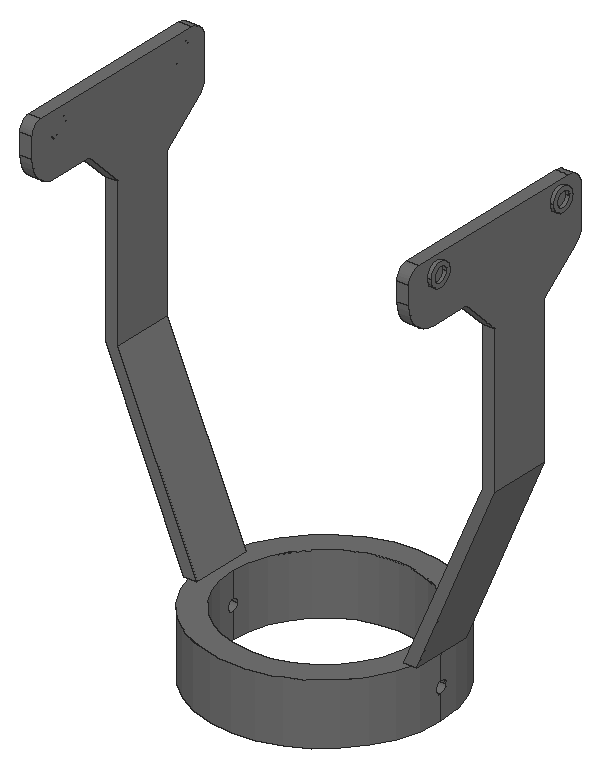
Revit family "Air_Gap-Zurn_Wilikns_Model_AG_12", category Pipe Accessories, Revit 2022
Family settings
  Round Connector Dimension = Use Radius
  Part Type = Valve - Breaks Into
  OmniClass Number = 23.65.55.14
  OmniClass Title = Valves for Liquid Services
  Work Plane-Based = No
  Always vertical = Yes
  Cut with Voids When Loaded = No
  Shared = No
Parameters (values of type "AG-12 (1 1/4"-2" 375 & 375XL Air Gap)")
  URL = "www.zurn.com/"
  Repair Parts URL = ""
  Product data URL = "https://bimobject.com/zurnindustries/product/AG"
  Product Weight (lbs) = 1
  Product Page URL = "https://www.zurn.com/products/water-control/backflow-accessories/ag"
  Product Installation Sheet URL = ""
  Product Documentation Link = "https://files.zurn.com/spec-sheets/bf-ag.pdf"
  PIPE WIDTH = 0' - 1"
  OUTER RADIUS = Nominal Radius + 0' 0 51/128"  # 0' - 1 115/128"
  Nominal Radius = Nominal Diameter / 2  # 0' - 1 1/2"
  Nominal Diameter = DIM C INNER DIAMETER  # 0' - 3"
  Modified Date = "07/08/2025"  # constant formula
  Model = "AG-12"
  Max Working Water Temperature = 0 °F
  Max Working Water Pressure = 0.00 psi
  Manufacturer Brand = "Zurn Wilkins"  # constant formula
  Manufacturer = "Zurn Water, LLC"  # constant formula
  Main Material = Paint - Zurn - Cast Iron - Gray
  Length = 2' - 0"
  Height = 1' - 0"
  Flow Rate (GPM) = 0 GPM
  End Connection Width = 0' - 3 1/2"
  Description = "Air Gap Adaptor Fitting"  # constant formula
  Default Elevation = 0' - 0"
  Date Created = "07/08/2025"  # constant formula
  DIM C INNER DIAMETER = 0' - 3"
  DIM B TOTAL LENGTH = 0' - 8"
  DIM A WIDTH = 0' - 6 1/2"
  Center to Bolt Center = 0' - 1.7"
  Bolt hole Bush = 0' - 0.4"
  Bolt hole = 0' - 0 51/256"
  Bolt circle from End = 0' - 0 1/4"
  Bolt Pitch = 0' - 2 1/2"
  Assembly Code = "D2020300"
  Arm width = 0' - 1"
  Arm outer = 0' - 1.66"
  Arm mid Distance = 0' - 6.35"
  Arm Thickness = 0' - 0.2"
  Arm Large Thickness = 0' - 0.415"
  Arm Edge = 0' - 0 3/8"
Reference planes (in)
  plane 1 "Center (Front/Back)": y = 0
  plane 2: z = 0
  plane 3 "Center (Left/Right)": x = 0
  plane 4 "Left Side Plane": x = -12
  plane 5 "Right side Plane": x = 12
  plane 6 "Back Plane": y = 6
  plane 7 "Front Plane": y = -6
  plane 8 "Top Plane": z = 6
  plane 9 "Bottom Plane": z = -6
  plane 10: x = -3.25
  plane 11: x = 3.25
  plane 12: z = 1
  plane 13: z = 8
  plane 14: x = -3.175
  plane 15: x = 3.175
  plane 16: x = -2.975
  plane 17: x = 2.975
  plane 18: y = -0.5
  plane 19: y = 0.5
  plane 20: z = 4
Forms (in)
  Extrusion 1, solid, material "Paint - Zurn - Cast Iron - Gray", detail levels fine
    sketch origin (0, 0, 0) x (1, 0, 0) y (0, 1, 0)
      loop
        circle (0, 0) r 1.89844
      loop
        circle (0, 0) r 1.5
    from 0 to 1
  Extrusion 2, solid, material "Paint - Zurn - Cast Iron - Gray", detail levels fine
    sketch origin (-0.39756, 0, 0) x (1, 0, 0) y (0, 0, 1)
      loop
        line (-2.77744, 8) -> (-2.77744, 4) -> (-1.4975, 1) -> (-1.2975, 1) -> (-2.57744, 4) -> (-2.57744, 8) -> (-2.77744, 8)
      loop
        line (3.57256, 8) -> (3.37256, 8) -> (3.37256, 4) -> (2.09262, 1) -> (2.29262, 1) -> (3.57256, 4) -> (3.57256, 8)
    from -0.5 to 0.5
  Extrusion 3, solid, material "Paint - Zurn - Cast Iron - Gray", detail levels fine
    sketch origin (0, 0, 0) x (0, 1, 0) y (0, 0, 1)
      loop
        line (1, 8) -> (-2.04686, 8)
        arc (-2.04686, 8) -> (-2.1905, 7.9405) -> (-2.25, 7.79686) r 0.20314
        line (-2.25, 7.79686) -> (-2.25, 7.5)
        arc (-2.25, 7.5) -> (-2.10355, 7.14645) -> (-1.75, 7) r 0.5
        line (-1.75, 7) -> (-1.1, 7) -> (-0.5, 6.4) -> (0.5, 6.4) -> (1.15617, 6.92494)
        arc (1.15617, 6.92494) -> (1.22533, 7.01186) -> (1.25, 7.12016) r 0.25
        line (1.25, 7.12016) -> (1.25, 7.75)
        arc (1.25, 7.75) -> (1.17678, 7.92678) -> (1, 8) r 0.25
    from 2.975 to 3.175
  Extrusion 4, solid, material "Paint - Zurn - Cast Iron - Gray", detail levels fine
    sketch origin (0, 0, 0) x (0, 1, 0) y (0, 0, 1)
      loop
        circle (0.8, 7.75) r 0.1875
      loop
        circle (-1.7, 7.75) r 0.18783
      loop
        circle (0.8, 7.75) r 0.12619
      loop
        circle (-1.7, 7.75) r 0.12619
    from -3.25 to 3.25
  Extrusion 5, void
    sketch origin (0, 0, 0) x (1, 0, 0) y (0, 0, 1)
      loop
        line (-2.975, 8) -> (-2.975, 7.52457) -> (2.975, 7.52457) -> (2.975, 8) -> (-2.975, 8)
    from -1.25 to 2.25
  Extrusion 6, solid, material "Paint - Zurn - Cast Iron - Gray", detail levels fine
    sketch origin (-6.15, -0.04168, 0) x (0, 1, 0) y (0, 0, 1)
      loop
        line (1.04168, 8) -> (-2.02185, 8)
        arc (-2.02185, 8) -> (-2.1537, 7.94538) -> (-2.20832, 7.81353) r 0.18647
        line (-2.20832, 7.81353) -> (-2.20832, 7.48333)
        arc (-2.20832, 7.48333) -> (-2.06675, 7.14156) -> (-1.72499, 7) r 0.48333
        line (-1.72499, 7) -> (-1.05832, 7) -> (-0.45832, 6.4) -> (0.54168, 6.4) -> (1.19786, 6.92494)
        arc (1.19786, 6.92494) -> (1.26701, 7.01186) -> (1.29168, 7.12016) r 0.25
        line (1.29168, 7.12016) -> (1.29168, 7.75)
        arc (1.29168, 7.75) -> (1.21846, 7.92678) -> (1.04168, 8) r 0.25
    from 2.975 to 3.175
  Extrusion 7, void
    sketch origin (0, 0, 0) x (0, 1, 0) y (0, 0, 1)
      loop
        circle (0, 0.5) r 0.1
    from -3.25 to 3.25
Cuts and joins
  Extrusion 5 cuts Extrusion 2
  Extrusion 5 cuts Extrusion 3
  joined: Extrusion 2, Extrusion 3, Extrusion 6
  Extrusion 5 cuts Extrusion 4
  Extrusion 5, Extrusion 7 cuts Extrusion 1
Lines and regions (in)
  Masking region 1, detail levels fine
    outline origin (0, 0, 0) x (1, 0, 0) y (0, 1, 0)
      loop
        line (-3.25, -2.27384) -> (-2.975, -2.27384) -> (-2.975, -0.5) -> (-1.83141, -0.5)
        arc (-1.83141, -0.5) -> (0, -1.89844) -> (1.83141, -0.5) r 1.89844
        line (1.83141, -0.5) -> (2.975, -0.5) -> (2.975, -2.27384) -> (3.25, -2.27384) -> (3.25, 1.30551) -> (2.975, 1.30551) -> (2.975, 0.5) -> (1.83141, 0.5)
        arc (1.83141, 0.5) -> (0, 1.89844) -> (-1.83141, 0.5) r 1.89844
        line (-1.83141, 0.5) -> (-2.975, 0.5) -> (-2.975, 1.30551) -> (-3.25, 1.30551) -> (-3.25, -2.27384)
  symbolic lines, detail levels coarse+medium
    curve 1: circle (0, 0, 0) r 1.5 normal (0, 0, 1)
    curve 5: line (-3.25, 0, 8) -> (3.25, 0, 8)
    curve 6: line (0, 0, 8) -> (0, 0, 0)
    curve 7: line (-3.175, 0, 0) -> (3.175, 0, 0)
    curve 10: line (0, -0.5, 8) -> (0, 0.5, 8)
    curve 11: line (0, -0.5, 0) -> (0, 0.5, 0)
    curve 12: line (0, 0, 8) -> (0, 0, 0)
  model lines, detail levels coarse+medium
    curve 2: line (-3.25, 0, 8) -> (3.25, 0, 8)
    curve 3: line (0, 0, 8) -> (0, 0, 0)
    curve 4: line (-3.175, 0, 0) -> (3.175, 0, 0)
    curve 8: line (0, -0.5, 8) -> (0, 0.5, 8)
    curve 9: line (0, -0.5, 0) -> (0, 0.5, 0)
Dimensions and locks (in)
  equal spacing: plane 5 "Right side Plane", plane 3 "Center (Left/Right)", plane 4 "Left Side Plane"
  "Length": plane 5 "Right side Plane" to plane 4 "Left Side Plane"
  equal spacing: plane 8 "Top Plane", plane 2, plane 9 "Bottom Plane"
  "Height": plane 8 "Top Plane" to plane 9 "Bottom Plane"
  equal spacing: plane 7 "Front Plane", plane 1 "Center (Front/Back)", plane 6 "Back Plane"
  locked: plane 7 "Front Plane" to plane 6 "Back Plane" at 12
  equal spacing: plane 10, plane 3 "Center (Left/Right)", plane 11
  "DIM A WIDTH": plane 10 to plane 11
  "PIPE WIDTH": plane 12 to level
  "DIM B TOTAL LENGTH": plane 13 to level
  equal spacing: plane 15, plane 3 "Center (Left/Right)", plane 14
  "Arm mid Distance": plane 15 to plane 14
  "Arm Thickness": plane 16 to plane 14
  equal spacing: plane 17, plane 3 "Center (Left/Right)", plane 16
  equal spacing: plane 18, plane 1 "Center (Front/Back)", plane 19
  "Arm width": plane 18 to plane 19
  "End Connection Width": Extrusion 3 sketch curve to Extrusion 3 sketch curve
  "Bolt Pitch": Extrusion 4 sketch curve to Extrusion 4 sketch curve  (x2)
  "Bolt circle from End": plane 13 to Extrusion 4 sketch curve  (x4)
  locked: Extrusion 5 sketch curve to Extrusion 5 sketch curve at 0.47543
  locked: plane 20 to level at 4
  locked: plane 3 "Center (Left/Right)" to Extrusion 2 sketch curve at 1.89506
  locked: plane 3 "Center (Left/Right)" to Extrusion 2 sketch curve at 1.69506
  locked: Extrusion 2 sketch curve to plane 3 "Center (Left/Right)" at 1.89506
  locked: Extrusion 2 sketch curve to plane 3 "Center (Left/Right)" at 1.69506
  locked: plane 1 "Center (Front/Back)" to Extrusion 3 sketch curve at 1.25
  locked: Extrusion 3 sketch curve to plane 13 at 1
  locked: plane 13 to Extrusion 3 sketch curve at 1.6
  "Center to Bolt Center": Extrusion 4 sketch curve to plane 1 "Center (Front/Back)"  (x2)
  "End Connection Width": Extrusion 6 sketch curve to Extrusion 6 sketch curve
  locked: Masking region 1 to plane 1 "Center (Front/Back)" at 2.27384
  locked: plane 1 "Center (Front/Back)" to Masking region 1 at 1.30551
  locked: Extrusion 7 sketch curve to level at 0.5
  radius of Extrusion 4 sketch curve = 0' - 0.18783"
  radius of Extrusion 4 sketch curve = 0' - 0.12619"  (x2)
  radius of Extrusion 4 sketch curve = 0' - 0 3/16"
  "DIM C INNER DIAMETER": diameter of Extrusion 1 sketch curve
  "OUTER RADIUS": radius of Extrusion 1 sketch curve
  radius of Extrusion 3 sketch curve = 0' - 0 1/2"
  radius of Extrusion 3 sketch curve = 0' - 0 13/64"
  radius of Extrusion 3 sketch curve = 0' - 0 1/4"  (x2)
  radius of Extrusion 6 sketch curve = 0' - 0.48333"
  radius of Extrusion 6 sketch curve = 0' - 0.18647"
  radius of Extrusion 6 sketch curve = 0' - 0 1/4"  (x2)
  "DIM C INNER DIAMETER": diameter of curve 1
  "OUTER RADIUS": radius of Masking region 1 sketch curve  (x2)
  radius of Extrusion 7 sketch curve = 0' - 0.1"
  locked: Extrusion 3 sketch curve to Extrusion 3 sketch curve (angle 45.00°)
  locked: Extrusion 3 sketch curve to Extrusion 3 sketch curve (angle 38.6598°)
  locked: Extrusion 6 sketch curve to Extrusion 6 sketch curve (angle 45.00°)
  locked: Extrusion 6 sketch curve to Extrusion 6 sketch curve (angle 38.6598°)
  aligned and locked: plane 2 to level
  aligned and locked: plane 12 to Extrusion 1
  aligned and locked: Extrusion 2 sketch curve to Extrusion 2 sketch curve
  aligned and locked: plane 13 to Extrusion 2
  aligned and locked: plane 16 to Extrusion 2
  aligned and locked: Extrusion 2 to plane 17
  aligned and locked: Extrusion 2 to plane 18
  aligned and locked: plane 19 to Extrusion 2
  aligned and locked: Extrusion 2 to Extrusion 3
  aligned and locked: plane 13 to Extrusion 3
  aligned and locked: Extrusion 4 to plane 10
  aligned and locked: plane 11 to Extrusion 4
  aligned and locked: Masking region 1 sketch curve to cut or joined group of Extrusion 4, Extrusion 5
  aligned and locked: Masking region 1 sketch curve to plane 11
  aligned and locked: plane 3 "Center (Left/Right)" to curve 1
  aligned and locked: plane 1 "Center (Front/Back)" to curve 1
  aligned and locked: plane 14 to curve 4
  aligned and locked: plane 15 to curve 4
  aligned and locked: curve 4 to level
  aligned and locked: curve 2 to plane 13
  aligned and locked: plane 10 to curve 2
  aligned and locked: plane 11 to curve 2
  aligned and locked: plane 13 to curve 3
  aligned and locked: curve 3 to plane 3 "Center (Left/Right)"
  aligned and locked: level to curve 3
  aligned and locked: plane 14 to curve 7
  aligned and locked: plane 15 to curve 7
  aligned and locked: plane 10 to curve 5
  aligned and locked: plane 11 to curve 5
  aligned and locked: curve 5 to plane 13
  aligned and locked: curve 7 to level
  aligned and locked: plane 19 to curve 8
  aligned and locked: plane 18 to curve 8
  aligned and locked: plane 19 to curve 9
  aligned and locked: plane 18 to curve 9
  aligned and locked: curve 9 to level
  aligned and locked: curve 8 to plane 13
  aligned and locked: plane 18 to curve 11
  aligned and locked: plane 19 to curve 11
  aligned and locked: plane 19 to curve 10
  aligned and locked: plane 18 to curve 10
  aligned and locked: curve 11 to level
  aligned and locked: curve 10 to plane 13
  aligned and locked: level to curve 12
  aligned and locked: plane 13 to curve 12
  aligned and locked: curve 6 to plane 3 "Center (Left/Right)"
  aligned and locked: plane 1 "Center (Front/Back)" to curve 12
  aligned and locked: plane 20 to Extrusion 2 sketch curve  (x2)
  aligned and locked: Extrusion 2 sketch curve to plane 12
  aligned and locked: plane 15 to Extrusion 2
  aligned and locked: plane 18 to Extrusion 3 sketch curve
  aligned and locked: plane 19 to Extrusion 3 sketch curve
  aligned and locked: Extrusion 3 to Extrusion 5
  aligned and locked: Extrusion 5 to Extrusion 3
  aligned and locked: Extrusion 1 to level
  aligned and locked: plane 16 to Extrusion 6
  aligned and locked: Extrusion 6 to plane 14
  aligned and locked: Extrusion 6 sketch curve to cut or joined group of Extrusion 2, Extrusion 3, Extrusion 5, Extrusion 6  (x3)
  aligned and locked: cut or joined group of Extrusion 2, Extrusion 3, Extrusion 5, Extrusion 6 to Extrusion 6  (x3)
  aligned and locked: Extrusion 6 to cut or joined group of Extrusion 2, Extrusion 3, Extrusion 5, Extrusion 6  (x3)
  aligned and locked: plane 1 "Center (Front/Back)" to Extrusion 1 sketch curve  (x2)
  aligned and locked: plane 3 "Center (Left/Right)" to Extrusion 1 sketch curve  (x2)
  aligned and locked: cut or joined group of Extrusion 2, Extrusion 3, Extrusion 5, Extrusion 6 to Masking region 1 sketch curve  (x2)
  aligned and locked: plane 16 to Masking region 1 sketch curve  (x2)
  aligned and locked: Masking region 1 to Masking region 1  (x2)
  aligned and locked: plane 19 to Masking region 1
  aligned and locked: cut or joined group of Extrusion 2, Extrusion 3, Extrusion 5, Extrusion 6 to plane 18
  aligned and locked: Masking region 1 to plane 18
  aligned and locked: plane 19 to cut or joined group of Extrusion 2, Extrusion 3, Extrusion 5, Extrusion 6
  aligned and locked: plane 1 "Center (Front/Back)" to Masking region 1 sketch curve  (x2)
  aligned and locked: plane 3 "Center (Left/Right)" to Masking region 1 sketch curve  (x2)
  aligned and locked: plane 19 to Masking region 1 sketch curve
  aligned and locked: plane 14 to Extrusion 2 sketch curve
  aligned and locked: plane 1 "Center (Front/Back)" to Extrusion 7 sketch curve
  aligned and locked: Extrusion 7 to plane 10
  aligned and locked: plane 11 to Extrusion 7
  aligned and locked: cut or joined group of Extrusion 2, Extrusion 3, Extrusion 5, Extrusion 6 to Masking region 1
Automatic sketch dimensions
  Extrusion 3 sketch curve to plane 13 = 0' - 0"
  Extrusion 5 sketch curve to plane 16 = 0' - 0"
  Extrusion 5 sketch curve to plane 17 = 0' - 0"
  Extrusion 5 sketch curve to plane 13 = 0' - 0"
  plane 13 to Extrusion 6 sketch curve = 0' - 0"
  Extrusion 6 sketch curve to plane 19 = 0' - 0"
  Extrusion 6 sketch curve to Extrusion 6 sketch curve = 0' - 0.3302"
  Masking region 1 sketch curve to plane 18 = 0' - 0"  (x2)
  Masking region 1 sketch curve to plane 19 = 0' - 0"
  Masking region 1 sketch curve to plane 18 = 0' - 1.77384"  (x2)
  plane 19 to Masking region 1 sketch curve = 0' - 0.80551"
  Masking region 1 sketch curve to Masking region 1 sketch curve = 0' - 0.80551"
  Extrusion 2 sketch curve to plane 13 = 0' - 0"
  plane 16 to Extrusion 2 sketch curve = 0' - 0"
  Extrusion 2 sketch curve to plane 17 = 0' - 0"
  Extrusion 2 sketch curve to plane 15 = 0' - 0"
  Extrusion 2 sketch curve to plane 12 = 0' - 0"
  Extrusion 2 sketch curve to plane 20 = 0' - 0"  (x2)
